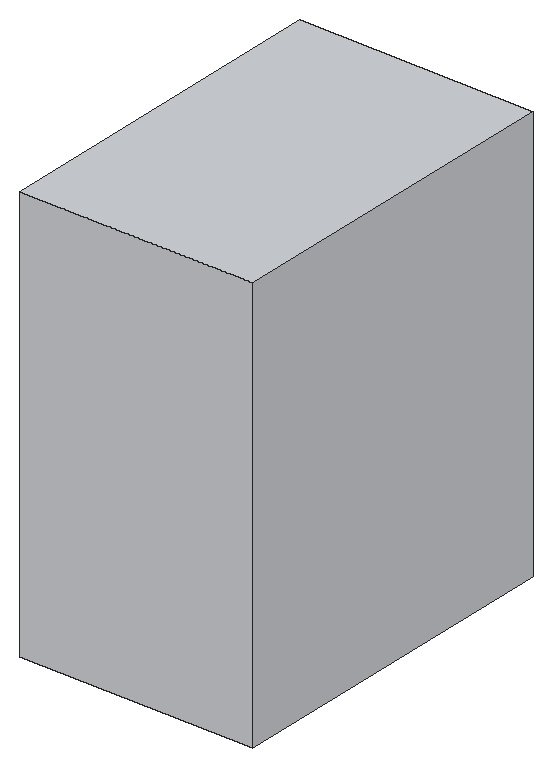
Revit family "ba804bf0a1454172b72cc13c21c62028", category Mechanical Equipment, Revit 2021
Family settings
  Round Connector Dimension = Use Diameter
  Part Type = Normal
  OmniClass Number = 23.75.35.14
  OmniClass Title = Air Handling Units
  Seek Item ID = Rooftop AHU Filter-0000-USA-ENU
  Work Plane-Based = No
  Always vertical = Yes
  Cut with Voids When Loaded = No
  Shared = No
  Room Calculation Point = No
Parameters (values of type "Angle Filter - 1500 CFM")
  Unit Width = Duct Width  # 3' - 0"
  Unit Length = 2' - 0"
  Unit Height = Duct Height  # 3' - 7"
  Part Shape = "Rectangular Duct"
  Model = "Outdoor Size 03"
  Duct Width = 36"
  Duct Height = 43"
  Default Elevation = 0' - 0"
  Air Pressure [instance] = 0.11 in-wg
  Air Flow [instance] = 1500 CFM
Types (40): name | Unit Width | Unit Length | Unit Height | Model | Duct Width | Duct Height | Air Pressure | Air Flow
  Angle Filter - 1500 CFM | 3' - 0" | 2' - 0" | 3' - 7" | "Outdoor Size 03" | 36" | 43" | 0.11 in-wg | 1500 CFM
  Angle Filter - 3000 CFM | 4' - 1" | 2' - 0" | 3' - 7" | "Outdoor Size 06" | 49" | 43" | 0.11 in-wg | 3000 CFM
  Angle Filter - 4000 CFM | 4' - 9" | 2' - 0" | 3' - 10" | "Outdoor Size 08" | 57" | 46" | 0.11 in-wg | 4000 CFM
  Angle Filter - 5000 CFM | 5' - 10" | 2' - 0" | 3' - 10" | "Outdoor Size 10" | 70" | 46" | 0.11 in-wg | 5000 CFM
  Angle Filter - 6000 CFM | 5' - 10" | 2' - 0" | 4' - 5" | "Outdoor Size 12" | 70" | 53" | 0.11 in-wg | 6000 CFM
  Angle Filter - 7000 CFM | 6' - 3" | 2' - 0" | 4' - 5" | "Outdoor Size 14" | 75" | 53" | 0.11 in-wg | 7000 CFM
  Angle Filter - 8500 CFM | 6' - 10" | 2' - 0" | 4' - 8" | "Outdoor Size 17" | 82" | 56" | 0.11 in-wg | 8500 CFM
  Angle Filter - 10500 CFM | 6' - 10" | 2' - 0" | 5' - 6" | "Outdoor Size 21" | 82" | 66" | 0.11 in-wg | 10500 CFM
  Angle Filter - 12500 CFM | 7' - 5" | 2' - 0" | 5' - 6" | "Outdoor Size 25" | 89" | 66" | 0.11 in-wg | 12500 CFM
  Angle Filter - 15000 CFM | 8' - 11" | 2' - 0" | 5' - 6" | "Outdoor Size 30" | 107" | 66" | 0.11 in-wg | 0 CFM
  Flat Filter - 10500 CFM | 6' - 10" | 1' - 0" | 5' - 6" | "Outdoor Size 21" | 82" | 66" | 0.35 in-wg | 10500 CFM
  Flat Filter - 12500 CFM | 7' - 5" | 1' - 0" | 5' - 6" | "Outdoor Size 25" | 89" | 66" | 0.35 in-wg | 12500 CFM
  Flat Filter - 1500 CFM | 3' - 0" | 1' - 0" | 3' - 7" | "Outdoor Size 03" | 36" | 43" | 0.35 in-wg | 1500 CFM
  Flat Filter - 15000 CFM | 8' - 11" | 1' - 0" | 5' - 6" | "Outdoor Size 30" | 107" | 66" | 0.35 in-wg | 15000 CFM
  Flat Filter - 3000 CFM | 4' - 1" | 1' - 0" | 3' - 7" | "Outdoor Size 06" | 49" | 43" | 0.35 in-wg | 3000 CFM
  Flat Filter - 4000 CFM | 4' - 9" | 1' - 0" | 3' - 10" | "Outdoor Size 08" | 57" | 46" | 0.35 in-wg | 4000 CFM
  Flat Filter - 5000 CFM | 5' - 10" | 1' - 0" | 3' - 10" | "Outdoor Size 10" | 70" | 46" | 0.35 in-wg | 5000 CFM
  Flat Filter - 6000 CFM | 5' - 10" | 1' - 0" | 4' - 5" | "Outdoor Size 12" | 70" | 53" | 0.35 in-wg | 6000 CFM
  Flat Filter - 7000 CFM | 6' - 3" | 1' - 0" | 4' - 5" | "Outdoor Size 14" | 75" | 53" | 0.35 in-wg | 7000 CFM
  Flat Filter - 8500 CFM | 6' - 10" | 1' - 0" | 4' - 8" | "Outdoor Size 17" | 82" | 56" | 0.35 in-wg | 8500 CFM
  Bag/Cartridge Filter - 10500 CFM | 6' - 10" | 3' - 6" | 5' - 6" | "Outdoor Size 21" | 82" | 66" | 0.85 in-wg | 10500 CFM
  Bag/Cartridge Filter - 12500 CFM | 7' - 5" | 3' - 6" | 5' - 6" | "Outdoor Size 25" | 89" | 66" | 0.85 in-wg | 12500 CFM
  Bag/Cartridge Filter - 1500 CFM | 3' - 0" | 3' - 6" | 3' - 7" | "Outdoor Size 03" | 36" | 43" | 0.85 in-wg | 1500 CFM
  Bag/Cartridge Filter - 15000 CFM | 8' - 11" | 3' - 6" | 5' - 6" | "Outdoor Size 30" | 107" | 66" | 0.85 in-wg | 15000 CFM
  Bag/Cartridge Filter - 3000 CFM | 4' - 1" | 3' - 6" | 3' - 7" | "Outdoor Size 06" | 49" | 43" | 0.85 in-wg | 3000 CFM
  Bag/Cartridge Filter - 4000 CFM | 4' - 9" | 3' - 6" | 3' - 10" | "Outdoor Size 08" | 57" | 46" | 0.85 in-wg | 4000 CFM
  Bag/Cartridge Filter - 5000 CFM | 5' - 10" | 3' - 6" | 3' - 10" | "Outdoor Size 10" | 70" | 46" | 0.85 in-wg | 5000 CFM
  Bag/Cartridge Filter - 6000 CFM | 5' - 10" | 3' - 6" | 4' - 5" | "Outdoor Size 12" | 70" | 53" | 0.85 in-wg | 6000 CFM
  Bag/Cartridge Filter - 7000 CFM | 6' - 3" | 3' - 6" | 4' - 5" | "Outdoor Size 14" | 75" | 53" | 0.85 in-wg | 7000 CFM
  Bag/Cartridge Filter - 8500 CFM | 6' - 10" | 3' - 6" | 4' - 8" | "Outdoor Size 17" | 82" | 56" | 0.85 in-wg | 8500 CFM
  HEPA Filter - 10500 CFM | 6' - 10" | 4' - 0" | 5' - 6" | "Outdoor Size 21" | 82" | 66" | 1.67 in-wg | 10500 CFM
  HEPA Filter - 12500 CFM | 7' - 5" | 4' - 0" | 5' - 6" | "Outdoor Size 25" | 89" | 66" | 1.67 in-wg | 12500 CFM
  HEPA Filter - 1500 CFM | 3' - 0" | 4' - 0" | 3' - 7" | "Outdoor Size 03" | 36" | 43" | 1.67 in-wg | 1500 CFM
  HEPA Filter - 15000 CFM | 8' - 11" | 4' - 0" | 5' - 6" | "Outdoor Size 30" | 107" | 66" | 1.67 in-wg | 15000 CFM
  HEPA Filter - 3000 CFM | 4' - 1" | 4' - 0" | 3' - 7" | "Outdoor Size 06" | 49" | 43" | 1.67 in-wg | 3000 CFM
  HEPA Filter - 4000 CFM | 4' - 9" | 4' - 0" | 3' - 10" | "Outdoor Size 08" | 57" | 46" | 1.67 in-wg | 4000 CFM
  HEPA Filter - 5000 CFM | 5' - 10" | 4' - 0" | 3' - 10" | "Outdoor Size 10" | 70" | 46" | 1.67 in-wg | 5000 CFM
  HEPA Filter - 6000 CFM | 5' - 10" | 4' - 0" | 4' - 5" | "Outdoor Size 12" | 70" | 53" | 1.67 in-wg | 6000 CFM
  HEPA Filter - 7000 CFM | 6' - 3" | 4' - 0" | 4' - 5" | "Outdoor Size 14" | 75" | 53" | 1.67 in-wg | 7000 CFM
  HEPA Filter - 8500 CFM | 6' - 10" | 4' - 0" | 4' - 8" | "Outdoor Size 17" | 82" | 56" | 1.67 in-wg | 8500 CFM
Reference planes (in)
  plane 1 "Center (Front/Back)": y = 0
  plane 2: z = 0
  plane 3 "Center (Left/Right)": x = 0
  plane 4: x = -24
  plane 5: y = 36
  plane 6: z = 43
Forms (in)
  Extrusion 1, solid
    sketch origin (0, 0, 0) x (1, 0, 0) y (0, 1, 0)
      loop
        line (-24, 36) -> (-24, 0) -> (0, 0) -> (0, 36) -> (-24, 36)
    from 0 to 43
Dimensions and locks (in)
  "Unit Width": plane 5 to plane 1 "Center (Front/Back)"
  "Unit Length": plane 4 to plane 3 "Center (Left/Right)"
  "Unit Height": plane 6 to plane 2
  aligned and locked: plane 4 to Extrusion 1 sketch curve
  aligned and locked: Extrusion 1 sketch curve to plane 5
  aligned and locked: plane 1 "Center (Front/Back)" to Extrusion 1 sketch curve
  aligned and locked: Extrusion 1 sketch curve to plane 3 "Center (Left/Right)"
  aligned and locked: Extrusion 1 to plane 2
  aligned and locked: plane 6 to Extrusion 1
Connectors (in)
  hvac at (-24, 18, 21.5), driven by "Air Flow", driven by "Duct Height", driven by "Duct Width"
    settings: on Extrusion 1, index 1, duct flow 1500 CFM, flow factor 0, pres drop 0.00 in-wg, loss coef 0, conn angle 0.00°, conn width 36", conn height 43", conn diameter 24", duct sys type 1, conn prof type 1, flow config 0, flow direction 0, loss method 4, conn ref index 2, conn util no, is conn primary yes, conn desc ""
  hvac at (0, 18, 21.5), driven by "Air Pressure", driven by "Air Flow", driven by "Duct Height", driven by "Duct Width"
    settings: on Extrusion 1, index 2, duct flow 1500 CFM, flow factor 0, pres drop 0.11 in-wg, loss coef 0, conn angle 0.00°, conn width 36", conn height 43", conn diameter 24", duct sys type 1, conn prof type 1, flow config 0, flow direction 0, loss method 4, conn ref index 1, conn util no, is conn primary no, conn desc ""
